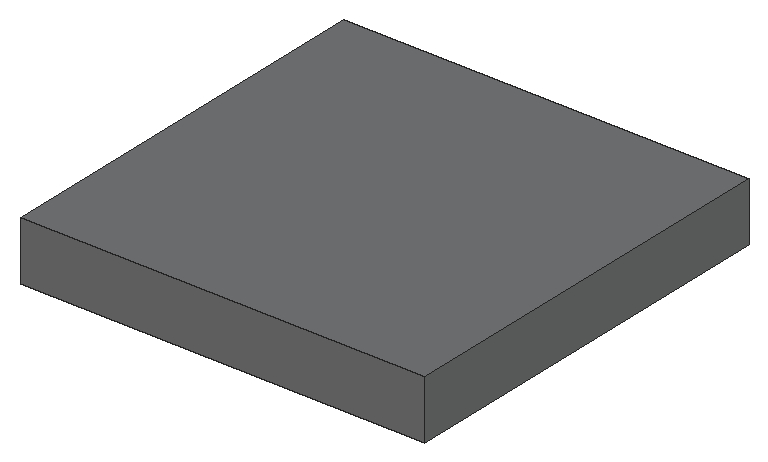
Revit family "Gira_067303", category Electrical Fixtures, host Face, Revit 2017
Family settings
  Host = Face
  Maintain Annotation Orientation = No
  Round Connector Dimension = Use Diameter
  Part Type = Normal
  Cut with Voids When Loaded = No
  Shared = No
  Room Calculation Point = No
Parameters (values of type "Rocker sym.bell + in.sp. System 55 p.white")
  With exchangeable lens/symbol = "No"
  URL = "http://katalog.gira.de/en/datenblatt.html?artikelnr=067303"
  Suitable for touch sensor connector for bus system = "No"
  Scannable symbol / barrier free = "No"
  Name = "Rocker sym.bell + in.sp. System 55 p.white"
  Monitoring window/light outlet = "No"
  Model = "Single rocker"
  Manufacturer URL = "https://www.gira.de/"
  Manufacturer = "Gira"
  Keynote = ""
  HeinzeBIM = "https://bimportal.heinze.de/bim/rocker-sym-bell-in-sp-system-55-p-white/36efcc0518c4376b5141d87baa113feefac33848"
  HAN = "067303"
  GTIN = "4010337673033"
  Description = "Rock.sym.bell in.sp. Sys55 PW,Rocker with symbol and inscription space,Bell,pure white glossy,"
  Default Elevation = 1219.2 mm
  Data sheet (1) = "https://katalog.gira.de/en/download.html?artikelnr=067303"
  Category = "Control element/cover plate for domestic switching devices"
  BIM (1) = "https://media.stage.bim.site/public/gira/36a6b08/Sys55_Abdeckung_Schalten und Tasten.rfa?public/gira/36a6b08/Sys55_Abdeckung_Schalten und Tasten.rfa"
  Available = "No"
  Anthrazit [instance] = Anthrazit
Reference planes
  plane 1 "Center (Front/Back)": y = 0
  plane 2: z = 0
  plane 3 "Center (Left/Right)": x = 0
Forms (mm)
  Extrusion 1, solid, material "Anthrazit" <- "Anthrazit", detail levels fine
    sketch origin (0, 0, 0) x (1, 0, 0) y (0, 1, 0)
      loop
        line (-27.5, 27.5) -> (-27.5, -27.5) -> (27.5, -27.5) -> (27.5, 27.5) -> (-27.5, 27.5)
    from 0 to 8
  Extrusion 2, void
    sketch origin (0, 0, 0) x (1, 0, 0) y (0, 1, 0)
      loop
        line (26, 26) -> (-26, 26) -> (-26, -26) -> (26, -26) -> (26, 26)
    from 0 to 6
  Extrusion 3, solid, material "Anthrazit" <- "Anthrazit", detail levels medium
    sketch origin (0, 0, 0) x (1, 0, 0) y (0, 1, 0)
      loop
        line (-27.5, 27.5) -> (-27.5, -27.5) -> (27.5, -27.5) -> (27.5, 27.5) -> (-27.5, 27.5)
    from 0 to 8
  Extrusion 4, solid, material "Anthrazit" <- "Anthrazit", detail levels medium
    sketch origin (0, 0, 0) x (1, 0, 0) y (0, 1, 0)
      loop
        line (11, -17.5) -> (11, 17.5) -> (-11, 17.5) -> (-11, -17.5) -> (11, -17.5)
    from -6 to 6
  Extrusion 5, solid, material "Anthrazit" <- "Anthrazit", detail levels fine
    sketch origin (0, 0, 0) x (1, 0, 0) y (0, 1, 0)
      loop
        line (11, 17.5) -> (-11, 17.5) -> (-11, 16.5) -> (11, 16.5) -> (11, 17.5)
      loop
        line (-11, -16.5) -> (-11, -17.5) -> (11, -17.5) -> (11, -16.5) -> (-11, -16.5)
    from -4 to 6
  Extrusion 6, solid, material "Anthrazit" <- "Anthrazit", detail levels fine
    sketch origin (0, 0, 0) x (1, 0, 0) y (0, 1, 0)
      loop
        arc (5, 9.347) -> (0, 10.6) -> (-5, 9.347) r 10.6
        line (-5, 9.347) -> (-5, -9.347)
        arc (-5, -9.347) -> (0, -10.6) -> (5, -9.347) r 10.6
        line (5, -9.347) -> (5, 9.347)
    from -6 to 6
  Extrusion 7, solid, material "Anthrazit" <- "Anthrazit", detail levels coarse
    sketch origin (0, 0, 0) x (1, 0, 0) y (0, 1, 0)
      loop
        line (-27.5, 27.5) -> (-27.5, -27.5) -> (27.5, -27.5) -> (27.5, 27.5) -> (-27.5, 27.5)
    from -6 to 8
Cuts and joins
  Extrusion 2 cuts Extrusion 1
Dimensions and locks
  aligned and locked: plane 2 to host face
  aligned and locked: level to host face
